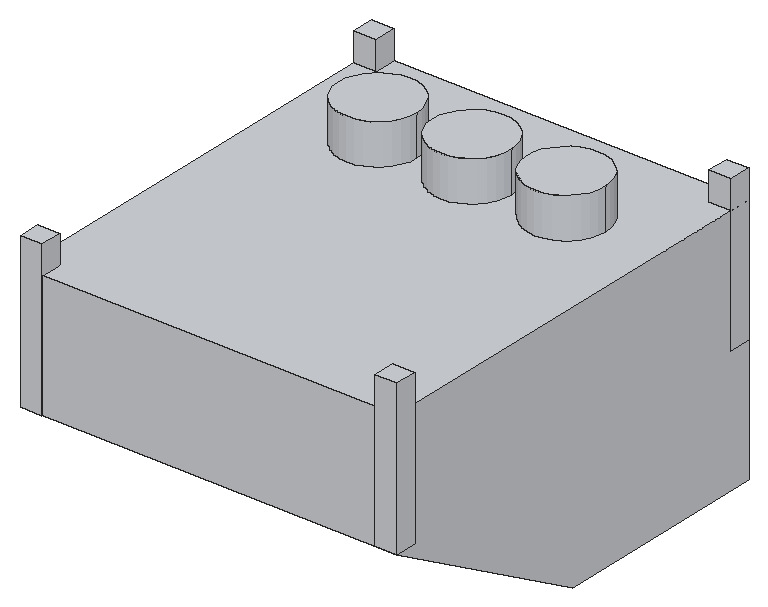
Revit family "НЕВАТОМ_Зонт вытяжной ZVP–1, Версия 2", category Воздухораспределители, Revit 2017
Family settings
  Размер круглого соединителя = Использовать диаметр
  Тип детали = Нормальный
  На основе рабочей плоскости = Нет
  Всегда вертикально = Да
  При загрузке вырезать с полостями = Нет
  Общий = Нет
  Точка расчета площади = Нет
Parameters (values of type "ZVP-1")
  ТП1 [instance] = "Зонт вытяжной ZVP–1 1"
  ТП [instance] = "Зонт вытяжной ZVP–1"
  URL = "https://t.me/NEVATOM_Bim_bot"
  D врезки [instance] = 125 mm
  ADSK_Размер_Ширина [instance] = A  # 700 mm
  ADSK_Размер_Длина [instance] = B  # 600 mm
  ADSK_Размер_Высота [instance] = 510 mm  # constant formula
  ADSK_Наименование [instance] = "Пристенный вытяжной зонт"  # constant formula
  ADSK_Материал наименование = "Оцинкованная сталь"  # constant formula
  ADSK_Количество = 1  # constant formula
  A [instance] = A1  # 700 mm
  B [instance] = 600 mm
  ADSK_Расход воздуха = 0.0 L/s
  ADSK_Примечание = ""
  ADSK_Потеря давления воздуха = 0.0 Pa
  ADSK_Позиция = ""
  ADSK_Масса [instance] = size_lookup(ТП, "ADSK_Масса", 0, A, B)  # 21.73
  ADSK_Марка [instance] = size_lookup(ТП1, "", "Ошибка типоразмера", A, B)  # "ZVP-1 -700х600"
  ADSK_Код изделия = ""
  ADSK_Завод-изготовитель = "НЕВАТОМ"  # constant formula
  ADSK_Единица измерения = "шт"  # constant formula
  A1 = 700 mm
  2 врезки [instance] = yes
  1 врезка [instance] = yes
Reference planes
  plane 1 "По центру (Вперед/Назад)": y = 0
  plane 2: z = 0
  plane 3 "По центру (Влево/Вправо)": x = 0
  plane 4: y = 350
  plane 5: y = -350
  plane 6: x = -300
  plane 7: x = 300
  plane 8: y = 175
  plane 9: x = -150
  plane 10: x = 150
  plane 11: z = 510
  plane 12: z = 445
  plane 13: z = 45
  plane 14: z = 490
  plane 15: z = 245
  plane 16: y = -315
  plane 17: y = 315
Forms (mm)
  Extrusion 1, solid
    sketch origin (0, 0, 0) x (0, 1, 0) y (0, 0, 1)
      loop
        line (350, 445) -> (-350, 445) -> (-350, 245) -> (0, 45) -> (350, 45) -> (350, 445)
    from -300 to 300
  Extrusion 2, solid, visible <- "1 врезка"
    sketch origin (0, 0, 0) x (1, 0, 0) y (0, 1, 0)
      loop
        circle (0, 175) r 62.5
    from 445 to 510
  Extrusion 3, solid, visible <- "2 врезки"
    sketch origin (0, 0, 0) x (1, 0, 0) y (0, 1, 0)
      loop
        circle (-150, 175) r 62.5
      loop
        circle (150, 175) r 62.5
    from 445 to 510
  Extrusion 4, solid
    sketch origin (0, 0, 0) x (0, 1, 0) y (0, 0, 1)
      loop
        line (-350, 490) -> (-350, 245) -> (-315, 245) -> (-315, 490) -> (-350, 490)
      loop
        line (315, 490) -> (315, 245) -> (350, 245) -> (350, 490) -> (315, 490)
    from 265 to 300
  Extrusion 5, solid
    sketch origin (0, 0, 0) x (0, 1, 0) y (0, 0, -1)
      loop
        line (-350, -490) -> (-315, -490) -> (-315, -245) -> (-350, -245) -> (-350, -490)
      loop
        line (315, -490) -> (350, -490) -> (350, -245) -> (315, -245) -> (315, -490)
    from 265 to 300
  Extrusion 6, solid
    sketch origin (0, 0, 0) x (0, 1, 0) y (0, 0, 1)
      loop
        line (315, 45) -> (315, 0) -> (350, 0) -> (350, 45) -> (315, 45)
    from -265 to -230
Dimensions and locks
  equal spacing: plane 6, plane 9, plane 3 "По центру (Влево/Вправо)"
  equal spacing: plane 3 "По центру (Влево/Вправо)", plane 10, plane 7
  equal spacing: plane 6, plane 3 "По центру (Влево/Вправо)", plane 7
  "B": plane 6 to plane 7
  equal spacing: plane 4, plane 1 "По центру (Вперед/Назад)", plane 5
  equal spacing: plane 1 "По центру (Вперед/Назад)", plane 8, plane 4
  "A1": plane 4 to plane 5
  locked: plane 11 to level at 510
  locked: plane 12 to plane 13 at 400
  locked: plane 14 to plane 13 at 445
  locked: plane 13 to level at 45
  locked: plane 16 to plane 5 at 35
  locked: plane 4 to plane 17 at 35
  locked: plane 12 to plane 15 at 200
  locked: plane 7 to Extrusion 4 at 35
  locked: Extrusion 5 to plane 6 at 35
  plane 5 to plane 16 = 35 mm
  plane 17 to plane 4 = 35 mm
  locked: Extrusion 6 to Extrusion 6 at 35
  "D врезки": diameter of Extrusion 2 sketch curve
  "D врезки": diameter of Extrusion 3 sketch curve  (x2)
  aligned and locked: level to plane 2
  aligned and locked: Extrusion 1 sketch curve to plane 4
  aligned and locked: plane 5 to Extrusion 1 sketch curve
  aligned and locked: Extrusion 1 sketch curve to plane 12
  aligned and locked: plane 13 to Extrusion 1 sketch curve
  aligned and locked: plane 15 to Extrusion 1 sketch curve
  aligned and locked: plane 1 "По центру (Вперед/Назад)" to Extrusion 1 sketch curve
  aligned and locked: Extrusion 1 to plane 6
  aligned and locked: plane 7 to Extrusion 1
  aligned and locked: plane 11 to Extrusion 2
  aligned and locked: Extrusion 2 to plane 12
  aligned and locked: plane 11 to Extrusion 3
  aligned and locked: Extrusion 3 to plane 12
  aligned and locked: Extrusion 4 sketch curve to plane 14  (x2)
  aligned and locked: plane 15 to Extrusion 4 sketch curve  (x2)
  aligned and locked: Extrusion 4 sketch curve to Extrusion 1
  aligned and locked: Extrusion 4 sketch curve to plane 17
  aligned and locked: plane 5 to Extrusion 4 sketch curve
  aligned and locked: plane 16 to Extrusion 4 sketch curve
  aligned and locked: plane 7 to Extrusion 4
  aligned and locked: Extrusion 5 to plane 6
  aligned and locked: Extrusion 6 sketch curve to plane 4
  aligned and locked: level to Extrusion 6 sketch curve
  aligned and locked: Extrusion 6 sketch curve to plane 17
  aligned and locked: Extrusion 6 sketch curve to plane 13
  aligned and locked: Extrusion 5 to Extrusion 6
Automatic sketch dimensions
  Extrusion 5 sketch curve to plane 5 = 0 mm
  Extrusion 5 sketch curve to plane 15 = 0 mm  (x2)
  Extrusion 5 sketch curve to plane 16 = 0 mm
  Extrusion 5 sketch curve to plane 14 = 0 mm  (x2)
  Extrusion 5 sketch curve to plane 17 = 0 mm
  Extrusion 5 sketch curve to plane 4 = 0 mm
  Extrusion 2 sketch curve to plane 3 "По центру (Влево/Вправо)" = 0 mm
  Extrusion 2 sketch curve to plane 8 = 0 mm
  Extrusion 3 sketch curve to plane 8 = 0 mm  (x2)
  Extrusion 3 sketch curve to plane 9 = 0 mm
  Extrusion 3 sketch curve to plane 10 = 0 mm
Connectors
  hvac at (150, 175, 510), driven by "D врезки"
    settings: on Extrusion 3, index 1, duct flow 0.0 L/s, flow factor 0, pres drop 0.0 Pa, loss coef 0, conn angle 0.00°, conn width 304.8 mm, conn height 304.8 mm, conn diameter 125 mm, duct sys type 29, conn prof type 0, flow config 1, flow direction 0, loss method 0, conn ref index -1, conn util no, is conn primary yes, conn desc ""
  hvac at (0, 175, 510), driven by "D врезки"
    settings: on Extrusion 2, index 2, duct flow 0.0 L/s, flow factor 0, pres drop 0.0 Pa, loss coef 0, conn angle 0.00°, conn width 304.8 mm, conn height 304.8 mm, conn diameter 125 mm, duct sys type 29, conn prof type 0, flow config 1, flow direction 0, loss method 0, conn ref index -1, conn util no, is conn primary no, conn desc ""
  hvac at (-150, 175, 510), driven by "D врезки"
    settings: on Extrusion 3, index 3, duct flow 0.0 L/s, flow factor 0, pres drop 0.0 Pa, loss coef 0, conn angle 0.00°, conn width 304.8 mm, conn height 304.8 mm, conn diameter 125 mm, duct sys type 29, conn prof type 0, flow config 1, flow direction 0, loss method 0, conn ref index -1, conn util no, is conn primary no, conn desc ""
